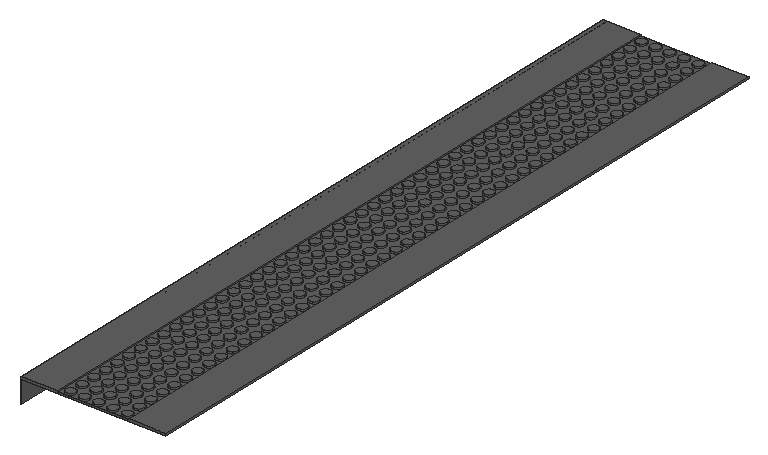
Revit family "111213014025804", category Modelos genéricos, Revit 2018
Family settings
  Puede alojar armadura = No
  Cota de conector redondo = Diámetro de uso
  Tipo de pieza = Normal
  Se basa en plano de trabajo = No
  Siempre vertical = No
  Corte con vacíos al cargar = No
  Compartido = No
  Punto de cálculo de habitación = No
Parameters (values of type "GRADA ESTOPEROL GOMA 320X4MM NEGRO 1.50")
  Ventajas = ""
  Uso = "Grada de Goma son fabricadas en caucho natural, ideal para zonas de alto tráfico,\r\nmodelo estoperol. Ideal para: Edificios Públicos y Privados, Colegios, Universidades,\r\nCentros comerciales, Aeropuertos, Hoteles, Edificios Habitacionales, entre otros."
  Unidad = "Tiras de 1.20 Mts y 1.50 Mts."
  URL = "https://www.empresascnp.cl/"
  Num SKUs = "111213014025804"
  Nombre SKU = "GRADA ESTOPEROL GOMA 320X4MM NEGRO TIRA 1.5MT"
  Modelo = "GRADA ESTOPEROL GOMA 320X4MM"
  Material = Goma negro
  Url Ficha tecnica = "https://empresascnp.cl/wp-content/uploads//pdf/ficha-tecnica-grada-estoperol-goma-320x4mm-negro-tira-1-5mt.pdf"
  Largo = 1500.00 mm
  Espesor = 4.00 mm
  Empresa = "CNP SPA."
  Dureza = ""
  Dimension = 300.00 mm
  Descripción = "Grada Estoperol Goma 320x4MM."
  Contacto = "info@empresascnp.cl"
  Color = "Negro - Gris (Consultar por Beige y Café)"
  Aplicacion = "Escaleras"
  Alto = 50.00 mm
Reference planes
  plane 1 "Center F/B": y = 0
  plane 2: z = 0
  plane 3 "Center L/R": x = 0
  plane 4: z = -50
  plane 5 "2": y = 750
  plane 6 "3": y = -750
  plane 7: x = 300
  plane 8: z = -2
  plane 9 "4": x = 2
Forms (mm)
  Extrusion 1, solid, material "Goma negro" <- "Material"
    sketch origin (0, 0, 0) x (1, 0, 0) y (0, 0, 1)
      loop
        line (300, 0) -> (225, 0) -> (225, -2) -> (78, -2) -> (78, 0) -> (3, 0)
        arc (3, 0) -> (0.879, -0.879) -> (0, -3) r 3
        line (0, -3) -> (0, -50) -> (4, -50) -> (4, -5)
        arc (4, -5) -> (4.293, -4.293) -> (5, -4) r 1
        line (5, -4) -> (300, -4) -> (300, 0)
    from -750 to 750
  Extrusion 2, solid, material "Goma negro" <- "Material"
    sketch origin (0, 0, 0) x (1, 0, 0) y (0, 1, 0)
      loop
        circle (93.684, -737.273) r 10
      loop
        circle (122.434, -737.273) r 10
      loop
        circle (151.184, -737.273) r 10
      loop
        circle (181.184, -737.273) r 10
      loop
        circle (211.184, -737.273) r 10
      loop
        circle (93.684, -707.273) r 10
      loop
        circle (122.434, -707.273) r 10
      loop
        circle (151.184, -707.273) r 10
      loop
        circle (181.184, -707.273) r 10
      loop
        circle (211.184, -707.273) r 10
      loop
        circle (93.684, -677.273) r 10
      loop
        circle (122.434, -677.273) r 10
      loop
        circle (151.184, -677.273) r 10
      loop
        circle (181.184, -677.273) r 10
      loop
        circle (211.184, -677.273) r 10
      loop
        circle (93.684, -647.273) r 10
      loop
        circle (122.434, -647.273) r 10
      loop
        circle (151.184, -647.273) r 10
      loop
        circle (181.184, -647.273) r 10
      loop
        circle (211.184, -647.273) r 10
      loop
        circle (93.684, -617.273) r 10
      loop
        circle (122.434, -617.273) r 10
      loop
        circle (151.184, -617.273) r 10
      loop
        circle (181.184, -617.273) r 10
      loop
        circle (211.184, -617.273) r 10
      loop
        circle (93.684, -587.273) r 10
      loop
        circle (122.434, -587.273) r 10
      loop
        circle (151.184, -587.273) r 10
      loop
        circle (181.184, -587.273) r 10
      loop
        circle (211.184, -587.273) r 10
      loop
        circle (93.684, -557.273) r 10
      loop
        circle (122.434, -557.273) r 10
      loop
        circle (151.184, -557.273) r 10
      loop
        circle (181.184, -557.273) r 10
      loop
        circle (211.184, -557.273) r 10
      loop
        circle (93.684, -527.273) r 10
      loop
        circle (122.434, -527.273) r 10
      loop
        circle (151.184, -527.273) r 10
      loop
        circle (181.184, -527.273) r 10
      loop
        circle (211.184, -527.273) r 10
      loop
        circle (93.684, -497.273) r 10
      loop
        circle (122.434, -497.273) r 10
      loop
        circle (151.184, -497.273) r 10
      loop
        circle (181.184, -497.273) r 10
      loop
        circle (211.184, -497.273) r 10
      loop
        circle (93.684, -467.273) r 10
      loop
        circle (122.434, -467.273) r 10
      loop
        circle (151.184, -467.273) r 10
      loop
        circle (181.184, -467.273) r 10
      loop
        circle (211.184, -467.273) r 10
      loop
        circle (93.684, -437.273) r 10
      loop
        circle (122.434, -437.273) r 10
      loop
        circle (151.184, -437.273) r 10
      loop
        circle (181.184, -437.273) r 10
      loop
        circle (211.184, -437.273) r 10
      loop
        circle (93.684, -407.273) r 10
      loop
        circle (122.434, -407.273) r 10
      loop
        circle (151.184, -407.273) r 10
      loop
        circle (181.184, -407.273) r 10
      loop
        circle (211.184, -407.273) r 10
      loop
        circle (93.684, -377.273) r 10
      loop
        circle (122.434, -377.273) r 10
      loop
        circle (151.184, -377.273) r 10
      loop
        circle (181.184, -377.273) r 10
      loop
        circle (211.184, -377.273) r 10
      loop
        circle (93.684, -347.273) r 10
      loop
        circle (122.434, -347.273) r 10
      loop
        circle (151.184, -347.273) r 10
      loop
        circle (181.184, -347.273) r 10
      loop
        circle (211.184, -347.273) r 10
      loop
        circle (93.684, -317.273) r 10
      loop
        circle (122.434, -317.273) r 10
      loop
        circle (151.184, -317.273) r 10
      loop
        circle (181.184, -317.273) r 10
      loop
        circle (211.184, -317.273) r 10
      loop
        circle (93.684, -287.273) r 10
      loop
        circle (122.434, -287.273) r 10
      loop
        circle (151.184, -287.273) r 10
      loop
        circle (181.184, -287.273) r 10
      loop
        circle (211.184, -287.273) r 10
      loop
        circle (93.684, -257.273) r 10
      loop
        circle (122.434, -257.273) r 10
      loop
        circle (151.184, -257.273) r 10
      loop
        circle (181.184, -257.273) r 10
      loop
        circle (211.184, -257.273) r 10
      loop
        circle (93.684, -227.273) r 10
      loop
        circle (122.434, -227.273) r 10
      loop
        circle (151.184, -227.273) r 10
      loop
        circle (181.184, -227.273) r 10
      loop
        circle (211.184, -227.273) r 10
      loop
        circle (93.684, -197.273) r 10
      loop
        circle (122.434, -197.273) r 10
      loop
        circle (151.184, -197.273) r 10
      loop
        circle (181.184, -197.273) r 10
      loop
        circle (211.184, -197.273) r 10
      loop
        circle (93.684, -167.273) r 10
      loop
        circle (122.434, -167.273) r 10
      loop
        circle (151.184, -167.273) r 10
      loop
        circle (181.184, -167.273) r 10
      loop
        circle (211.184, -167.273) r 10
      loop
        circle (93.684, -137.273) r 10
      loop
        circle (122.434, -137.273) r 10
      loop
        circle (151.184, -137.273) r 10
      loop
        circle (181.184, -137.273) r 10
      loop
        circle (211.184, -137.273) r 10
      loop
        circle (93.684, -107.273) r 10
      loop
        circle (122.434, -107.273) r 10
      loop
        circle (151.184, -107.273) r 10
      loop
        circle (181.184, -107.273) r 10
      loop
        circle (211.184, -107.273) r 10
      loop
        circle (93.684, -77.273) r 10
      loop
        circle (122.434, -77.273) r 10
      loop
        circle (151.184, -77.273) r 10
      loop
        circle (181.184, -77.273) r 10
      loop
        circle (211.184, -77.273) r 10
      loop
        circle (93.684, -47.273) r 10
      loop
        circle (122.434, -47.273) r 10
      loop
        circle (151.184, -47.273) r 10
      loop
        circle (181.184, -47.273) r 10
      loop
        circle (211.184, -47.273) r 10
      loop
        circle (93.684, -17.273) r 10
      loop
        circle (122.434, -17.273) r 10
      loop
        circle (151.184, -17.273) r 10
      loop
        circle (181.184, -17.273) r 10
      loop
        circle (211.184, -17.273) r 10
      loop
        circle (93.684, 12.727) r 10
      loop
        circle (122.434, 12.727) r 10
      loop
        circle (151.184, 12.727) r 10
      loop
        circle (181.184, 12.727) r 10
      loop
        circle (211.184, 12.727) r 10
      loop
        circle (93.684, 42.727) r 10
      loop
        circle (122.434, 42.727) r 10
      loop
        circle (151.184, 42.727) r 10
      loop
        circle (181.184, 42.727) r 10
      loop
        circle (211.184, 42.727) r 10
      loop
        circle (93.684, 72.727) r 10
      loop
        circle (122.434, 72.727) r 10
      loop
        circle (151.184, 72.727) r 10
      loop
        circle (181.184, 72.727) r 10
      loop
        circle (211.184, 72.727) r 10
      loop
        circle (93.684, 102.727) r 10
      loop
        circle (122.434, 102.727) r 10
      loop
        circle (151.184, 102.727) r 10
      loop
        circle (181.184, 102.727) r 10
      loop
        circle (211.184, 102.727) r 10
      loop
        circle (93.684, 132.727) r 10
      loop
        circle (122.434, 132.727) r 10
      loop
        circle (151.184, 132.727) r 10
      loop
        circle (181.184, 132.727) r 10
      loop
        circle (211.184, 132.727) r 10
      loop
        circle (93.684, 162.727) r 10
      loop
        circle (122.434, 162.727) r 10
      loop
        circle (151.184, 162.727) r 10
      loop
        circle (181.184, 162.727) r 10
      loop
        circle (211.184, 162.727) r 10
      loop
        circle (93.684, 192.727) r 10
      loop
        circle (122.434, 192.727) r 10
      loop
        circle (151.184, 192.727) r 10
      loop
        circle (181.184, 192.727) r 10
      loop
        circle (211.184, 192.727) r 10
      loop
        circle (93.684, 222.727) r 10
      loop
        circle (122.434, 222.727) r 10
      loop
        circle (151.184, 222.727) r 10
      loop
        circle (181.184, 222.727) r 10
      loop
        circle (211.184, 222.727) r 10
      loop
        circle (93.684, 252.727) r 10
      loop
        circle (122.434, 252.727) r 10
      loop
        circle (151.184, 252.727) r 10
      loop
        circle (181.184, 252.727) r 10
      loop
        circle (211.184, 252.727) r 10
      loop
        circle (93.684, 282.727) r 10
      loop
        circle (122.434, 282.727) r 10
      loop
        circle (151.184, 282.727) r 10
      loop
        circle (181.184, 282.727) r 10
      loop
        circle (211.184, 282.727) r 10
      loop
        circle (93.684, 312.727) r 10
      loop
        circle (122.434, 312.727) r 10
      loop
        circle (151.184, 312.727) r 10
      loop
        circle (181.184, 312.727) r 10
      loop
        circle (211.184, 312.727) r 10
      loop
        circle (93.684, 342.727) r 10
      loop
        circle (122.434, 342.727) r 10
      loop
        circle (151.184, 342.727) r 10
      loop
        circle (181.184, 342.727) r 10
      loop
        circle (211.184, 342.727) r 10
      loop
        circle (93.684, 372.727) r 10
      loop
        circle (122.434, 372.727) r 10
      loop
        circle (151.184, 372.727) r 10
      loop
        circle (181.184, 372.727) r 10
      loop
        circle (211.184, 372.727) r 10
      loop
        circle (93.684, 402.727) r 10
      loop
        circle (122.434, 402.727) r 10
      loop
        circle (151.184, 402.727) r 10
      loop
        circle (181.184, 402.727) r 10
      loop
        circle (211.184, 402.727) r 10
      loop
        circle (93.684, 432.727) r 10
      loop
        circle (122.434, 432.727) r 10
      loop
        circle (151.184, 432.727) r 10
      loop
        circle (181.184, 432.727) r 10
      loop
        circle (211.184, 432.727) r 10
      loop
        circle (93.684, 462.727) r 10
      loop
        circle (122.434, 462.727) r 10
      loop
        circle (151.184, 462.727) r 10
      loop
        circle (181.184, 462.727) r 10
      loop
        circle (211.184, 462.727) r 10
      loop
        circle (93.684, 492.727) r 10
      loop
        circle (122.434, 492.727) r 10
      loop
        circle (151.184, 492.727) r 10
      loop
        circle (181.184, 492.727) r 10
      loop
        circle (211.184, 492.727) r 10
      loop
        circle (93.684, 522.727) r 10
      loop
        circle (122.434, 522.727) r 10
      loop
        circle (151.184, 522.727) r 10
      loop
        circle (181.184, 522.727) r 10
      loop
        circle (211.184, 522.727) r 10
      loop
        circle (93.684, 552.727) r 10
      loop
        circle (122.434, 552.727) r 10
      loop
        circle (151.184, 552.727) r 10
      loop
        circle (181.184, 552.727) r 10
      loop
        circle (211.184, 552.727) r 10
      loop
        circle (93.684, 582.727) r 10
      loop
        circle (122.434, 582.727) r 10
      loop
        circle (151.184, 582.727) r 10
      loop
        circle (181.184, 582.727) r 10
      loop
        circle (211.184, 582.727) r 10
      loop
        circle (93.684, 612.727) r 10
      loop
        circle (122.434, 612.727) r 10
      loop
        circle (151.184, 612.727) r 10
      loop
        circle (181.184, 612.727) r 10
      loop
        circle (211.184, 612.727) r 10
      loop
        circle (93.684, 642.727) r 10
      loop
        circle (122.434, 642.727) r 10
      loop
        circle (151.184, 642.727) r 10
      loop
        circle (181.184, 642.727) r 10
      loop
        circle (211.184, 642.727) r 10
      loop
        circle (93.684, 672.727) r 10
      loop
        circle (122.434, 672.727) r 10
      loop
        circle (151.184, 672.727) r 10
      loop
        circle (181.184, 672.727) r 10
      loop
        circle (211.184, 672.727) r 10
      loop
        circle (93.684, 702.727) r 10
      loop
        circle (122.434, 702.727) r 10
      loop
        circle (151.184, 702.727) r 10
      loop
        circle (181.184, 702.727) r 10
      loop
        circle (211.184, 702.727) r 10
      loop
        circle (93.684, 732.727) r 10
      loop
        circle (122.434, 732.727) r 10
      loop
        circle (151.184, 732.727) r 10
      loop
        circle (181.184, 732.727) r 10
      loop
        circle (211.184, 732.727) r 10
    from -2 to 0
Dimensions and locks
  "Alto": level to plane 4
  equal spacing: plane 6 "3", plane 1 "Center F/B", plane 5 "2"
  "Largo": plane 6 "3" to plane 5 "2"
  "Dimension": plane 7 to plane 3 "Center L/R"
  "Espesor": plane 2 to Extrusion 1 sketch curve
  "Espesor": Extrusion 1 sketch curve to plane 3 "Center L/R"
  aligned and locked: plane 6 "3" to Extrusion 1
  aligned and locked: Extrusion 1 to plane 5 "2"
  aligned and locked: Extrusion 1 sketch curve to plane 3 "Center L/R"
  aligned and locked: plane 2 to Extrusion 1 sketch curve
  aligned and locked: Extrusion 1 sketch curve to plane 7
  aligned and locked: plane 4 to Extrusion 1 sketch curve
Automatic sketch dimensions
  Extrusion 2 sketch curve to plane 6 "3" = 12.727 mm  (x5)
  plane 9 "4" to Extrusion 2 sketch curve = 91.684 mm  (x2)
  Extrusion 2 sketch curve to Extrusion 2 sketch curve = 0.00 mm  (x232)
  Extrusion 2 sketch curve to plane 1 "Center F/B" = 12.727 mm  (x5)
  Extrusion 2 sketch curve to Extrusion 2 sketch curve = 28.75 mm  (x100)
  Extrusion 2 sketch curve to Extrusion 2 sketch curve = 30.00 mm  (x146)
  plane 1 "Center F/B" to Extrusion 2 sketch curve = 17.273 mm  (x5)
  plane 5 "2" to Extrusion 2 sketch curve = 17.273 mm  (x5)
  Extrusion 1 sketch curve to level = 0.00 mm
  Extrusion 1 sketch curve to plane 8 = 0.00 mm
  plane 9 "4" to Extrusion 1 sketch curve = 1.00 mm
  Extrusion 1 sketch curve to Extrusion 1 sketch curve = 1.00 mm
  Extrusion 1 sketch curve to Extrusion 1 sketch curve = 73.00 mm
  Extrusion 1 sketch curve to plane 7 = 75.00 mm
  radius of Extrusion 2 sketch curve = 10.00 mm  (x250)
